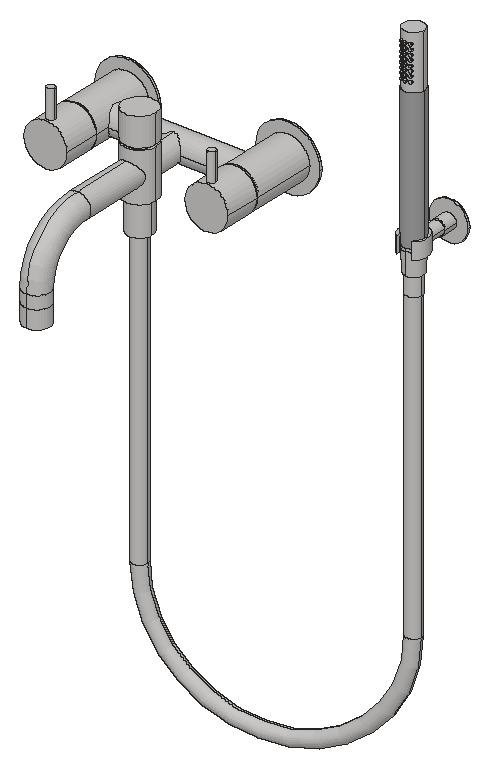
Revit family "1641T8", category Generic Models, Revit 2021
Family settings
  Can host rebar = No
  Round Connector Dimension = Use Diameter
  Part Type = Normal
  Work Plane-Based = No
  Always vertical = Yes
  Cut with Voids When Loaded = No
  Shared = No
  Room Calculation Point = No
Parameters (values of type "Standard")
  e-mail = "info@vola.com"
  URL = "http://vola.com"
  Telephone = "+45 7023 5500"
  Quality management standard = "ISO 9001"
  Organisation no. / DUNS no. = "17531328"
  Occupational health and safety management standard = "ISO 18001"
  Mounting Instructions = "http://vola.com/service/producturl.ashx?name=1641T8"
  Model = "1641T8"
  Materials and components information = "http://vola.com/service/producturl.ashx?name=1641T8"
  Manufacturer = "VOLA A/S"
  Maintenance Instructions = "http://vola.com/service/producturl.ashx?name=1641T8"
  Guarantee = "2 years"
  Flow = "30,00 l/min"
  Environmental management standard = "ISO 14000"
  Default Elevation = 0.0000 mm
  Connection - All relevant connections = "½\" for water connection"
  Approvals = "http://vola.com/service/producturl.ashx?name=1641T8"
Reference planes
  plane 1 "Center (Front/Back)": y = 0
  plane 2: z = 0
  plane 3 "Center (Left/Right)": x = 0
  plane 4 "M": through (0, -80.5, 1219.2) normal (-0.1674, 0.9859, 0)
Forms (mm)
  Extrusion 1, solid, material "Stainless Steel"
    sketch origin (75, 0, 0) x (1, 0, 0) y (0, 0, 1)
      loop
        circle (0, 0) r 30
    from 0 to 1.5
  Extrusion 2, solid, material "Stainless Steel"
    sketch origin (75, -1.5, 0) x (1, 0, 0) y (0, 0, 1)
      loop
        circle (0, 0) r 20
    from 0 to 60
  Extrusion 3, solid, material "Stainless Steel"
    sketch origin (75, -56, 0) x (0, -1, 0) y (1, 0, 0)
      loop
        circle (34.5, 0) r 3.5
    from 19 to 45.5
  Extrusion 4, solid, material "Stainless Steel"
    sketch origin (75, -61.5, 0) x (1, 0, 0) y (0, 0, 1)
      loop
        circle (0, 0) r 17.9
    from 0 to 1.5
  Extrusion 5, solid, material "Stainless Steel"
    sketch origin (75, -63, 0) x (1, 0, 0) y (0, 0, 1)
      loop
        circle (0, 0) r 20
    from 0 to 33.5
  Extrusion 6, solid, material "Stainless Steel"
    sketch origin (-75, 0, 0) x (-1, 0, 0) y (0, 0, -1)
      loop
        circle (0, 0) r 30
    from 0 to 1.5
  Extrusion 7, solid, material "Stainless Steel"
    sketch origin (-75, -1.5, 0) x (-1, 0, 0) y (0, 0, -1)
      loop
        circle (0, 0) r 20
    from 0 to 60
  Extrusion 8, solid, material "Stainless Steel"
    sketch origin (-75, -56, 0) x (0, 1, 0) y (-1, 0, 0)
      loop
        circle (-34.5, 0) r 3.5
    from 19 to 45.5
  Extrusion 9, solid, material "Stainless Steel"
    sketch origin (-75, -61.5, 0) x (-1, 0, 0) y (0, 0, -1)
      loop
        circle (0, 0) r 17.9
    from 0 to 1.5
  Extrusion 10, solid, material "Stainless Steel"
    sketch origin (-75, -63, 0) x (-1, 0, 0) y (0, 0, -1)
      loop
        circle (0, 0) r 20
    from 0 to 33.5
  Extrusion 11, solid, material "Stainless Steel"
    sketch origin (0, 0, 0) x (0, 1, 0) y (0, 0, 1)
      loop
        circle (-35.5, 0) r 13
    from -80 to 80
  Sweep 12, solid, material "Stainless Steel"
    path origin (0, 4.8, 0) x (0, 1, 0) y (0, 0, 1)
      loop
        line (-35.5, 0) -> (-158, 0)
        arc (-158, 0) -> (-191.588, -13.912) -> (-205.5, -47.5) r 47.5
        line (-205.5, -47.5) -> (-205.5, -59)
    profile origin (0, -91.95, 0) x (0, 0, -1) y (1, 0, 0)
      loop
        circle (0, 0) r 12
  Extrusion 13, solid, material "Stainless Steel"
    sketch origin (0, -200.7, -59) x (0, -1, 0) y (-1, 0, 0)
      loop
        circle (0, 0) r 12
    from 0 to 17
  Extrusion 14, solid, material "Stainless Steel"
    sketch origin (0, 0, 0) x (1, 0, 0) y (0, 1, 0)
      loop
        circle (0, -80.5) r 15
    from -22.5 to 22.5
  Extrusion 15, solid, material "Stainless Steel"
    sketch origin (0, 0, 22.5) x (1, 0, 0) y (0, 1, 0)
      loop
        circle (0, -80.5) r 12.5
    from 0 to 2.5
  Extrusion 16, solid, material "Stainless Steel"
    sketch origin (0, 0, 25) x (1, 0, 0) y (0, 1, 0)
      loop
        circle (0, -80.5) r 15
    from 0 to 26
  Extrusion 17, solid, material "Stainless Steel"
    sketch origin (0, 0, -22.5) x (0, 1, 0) y (1, 0, 0)
      loop
        circle (-80.5, 0) r 11.5
    from 0 to 30
  Extrusion 18, solid, material "Stainless Steel"
    sketch origin (225, 0, 0) x (1, 0, 0) y (0, 0, 1)
      loop
        circle (0, 0) r 18
    from 0 to 1.5
  Extrusion 19, solid, material "Stainless Steel"
    sketch origin (225, -1.5, 0) x (1, 0, 0) y (0, 0, 1)
      loop
        circle (0, 0) r 7
    from 0 to 13
  Extrusion 20, solid, material "Stainless Steel"
    sketch origin (225, -14.5, 0) x (1, 0, 0) y (0, 0, 1)
      loop
        circle (0, 0) r 6
    from 0 to 17.053
  Extrusion 21, solid, material "Stainless Steel"
    sketch origin (0, 0, 0) x (1, 0, 0) y (0, 1, 0)
      loop
        line (232.25, -53.091) -> (232.25, -49.187)
        arc (232.25, -49.187) -> (225, -32.3) -> (217.75, -49.187) r 10
        line (217.75, -49.187) -> (217.75, -53.091)
        arc (217.75, -53.091) -> (225, -29.3) -> (232.25, -53.091) r 13
    from -7.5 to 7.5
  Sweep 22, solid, material "Stainless Steel"
    path origin (-13.474, -1.136, 0) x (0.985892, 0.167383, 0) y (0, 0, 1)
      loop
        line (0, -52.5) -> (0, -328)
        arc (0, -328) -> (114.083, -442.083) -> (228.167, -328) r 114.083
        line (228.167, -328) -> (228.167, -41.75)
    profile origin (-13.474, -1.136, -190.25) x (0.167383, -0.985892, 0) y (0.985892, 0.167383, 0)
      loop
        circle (80.5, 0) r 7
  Extrusion 23, solid, material "Stainless Steel"
    sketch origin (259, 5.7, 130) x (1, 0, 0) y (0, 1, 0)
      loop
        circle (-34, -48) r 9.5
    from 0 to 50
  Extrusion 24, solid, material "Stainless Steel"
    sketch origin (225, -52.5, 1241.7) x (1, 0, 0) y (0, 0, 1)
      loop
        circle (0, -1071) r 1.225
      loop
        circle (0, -1075.5) r 1.225
      loop
        circle (0, -1080) r 1.225
      loop
        circle (0, -1084.5) r 1.225
      loop
        circle (0, -1089) r 1.225
      loop
        circle (0, -1093.5) r 1.225
      loop
        circle (0, -1098) r 1.225
      loop
        circle (0, -1102.5) r 1.225
    from 0 to -2
  Extrusion 25, solid, material "Grey Coating"
    sketch origin (259, 5.7, 22.5) x (1, 0, 0) y (0, 1, 0)
      loop
        circle (-34, -48) r 10
    from -22.5 to 107.5
  Extrusion 26, solid, material "Stainless Steel"
    sketch origin (259, 5.7, 0) x (0, 1, 0) y (1, 0, 0)
      loop
        circle (-48, -34) r 9.65
    from 0 to 3.5
  Blend 27, solid, material "Stainless Steel"
    base sketch origin (259, 5.7, -3.5) x (-1, 0, 0) y (0, -1, 0)
      loop
        circle (34, 48) r 9.65
    top sketch origin (259, 5.7, -3.5) x (-1, 0, 0) y (0, -1, 0)
      loop
        circle (34, 48) r 8.75
    from 0 to -21
  Extrusion 28, solid, material "Stainless Steel"
    sketch origin (229.29, -51.48, 1241.7) x (0.984488, 0.175453, 0) y (0, 0, 1)
      loop
        circle (0, -1071) r 1.225
      loop
        circle (0, -1075.5) r 1.225
      loop
        circle (0, -1080) r 1.225
      loop
        circle (0, -1084.5) r 1.225
      loop
        circle (0, -1089) r 1.225
      loop
        circle (0, -1093.5) r 1.225
      loop
        circle (0, -1098) r 1.225
      loop
        circle (0, -1102.5) r 1.225
    from 0 to -2
  Extrusion 29, solid, material "Stainless Steel"
    sketch origin (220.71, -51.48, 1241.7) x (-0.984488, 0.175453, 0) y (0, 0, -1)
      loop
        circle (0, 1071) r 1.225
      loop
        circle (0, 1075.5) r 1.225
      loop
        circle (0, 1080) r 1.225
      loop
        circle (0, 1084.5) r 1.225
      loop
        circle (0, 1089) r 1.225
      loop
        circle (0, 1093.5) r 1.225
      loop
        circle (0, 1098) r 1.225
      loop
        circle (0, 1102.5) r 1.225
    from 0 to -2
  Extrusion 30, solid, material "Stainless Steel"
    sketch origin (259, 5.7, -24.5) x (0, -1, 0) y (-1, 0, 0)
      loop
        circle (48, 34) r 7.5
    from 0 to 17.25
Cuts and joins
  joined: Extrusion 2, Extrusion 7, Extrusion 11, Sweep 12, Extrusion 14
  joined: Extrusion 20, Extrusion 21
  joined: Extrusion 3, Extrusion 5
  joined: Extrusion 8, Extrusion 10
  joined: Extrusion 23, Extrusion 24, Extrusion 28, Extrusion 29
Dimensions and locks
  Extrusion 8 to Extrusion 10 = 6.0000 mm
  aligned and locked: plane 2 to level
